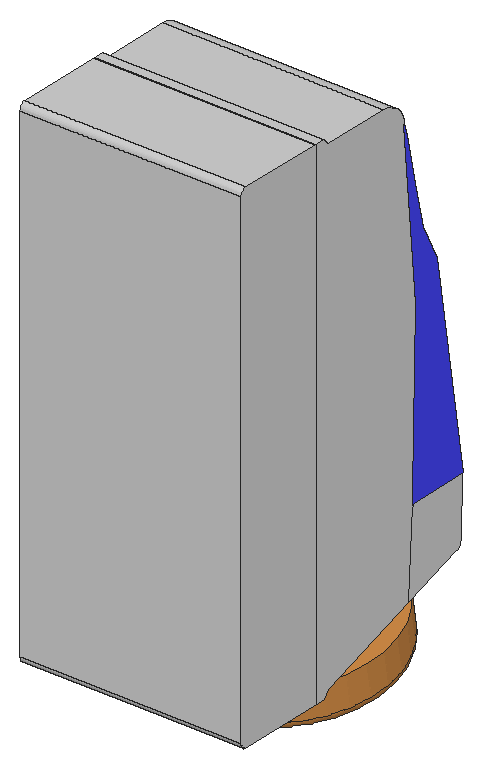
Revit family "Building-IEC309Connections-GEWISS-66IB-INTERLOCKED-SOCKET-OUTLETS-HD_IP66_WITH_BOTTOM_MOD", category Apparecchi elettrici, host Muro, Revit 2016
Family settings
  Host = Muro
  Mantenere orientamento annotazione = Sì
  Tipo di parte = Normale
  Quota connettore circolare = Usa diametro
  Numero OmniClass = 23.80.50.14
  Titolo OmniClass = Plug Connectors
  Sempre verticale = Sì
  Taglio con vuoti quando caricato = No
  Condiviso = No
  Punto di calcolo locali = No
Parameters (values of type "GW66996 - I.SOCKET IP66 W.B.3P+E 32A 380V 3H M.D")
  Working temperature = "-25 ÷ +40 °C"
  With back-mounting box = "Yes"
  Vista di pianta [instance] = yes
  Vetro = Vetro
  Version file RFA = "18.0"
  URL = "https://www.gewiss.com/ww/en"
  Typology = "Vertical"
  Type of use = "Heavy duty"
  Tipo Simbolo = PRESAINDSTAGNA : 3P
  Thermo-pressure with ball = "80 °C"
  Technical sheet = "https://www.gewiss.com/ww/en/search?q=GW66996"
  Struttura alta = GEWISS - blue
  Struttura = GEWISS - Grigio RAL - 7035
  Simbolo [instance] = yes
  Shock resistance = "> IK10"
  SEO = "Socket outlet"
  Reference h = "3"
  Realized by GEWISS S.p.A. = ""
  Rated voltage = "380-440V"
  Rated frequency (Hz) = "50/60 Hz"
  Rated current (In) = "32"
  Rated current (A) = "32"
  Protection = "Suitable for modular apps. (6M)"
  Produttore = "GEWISS S.p.A."
  Presa = GEWISS - rosso
  Potenza = 400 V
  Operating temperature: = "-25 +40 °C"
  Numero poli = 3
  Number of poles = "3P+E"
  No. of poles = "3P+E"
  Modello = "GW66996"
  Impact resistance at -20 Â°C = "20J"
  Immagine tipo = GW66996.jpg
  IP degree = "IP66"
  IFC.TypeObject = ""
  IFC.ExportType = ""
  IFC.ExportAs = ""
  IDT = "36f26d0b-1d1d-4264-adab-7a637a1285dc"
  IDF = "24d74994-0ea8-4b8f-ac73-b070467ae3ef"
  Glow wire test: = "850 °C"
  Glow Wire Test = "850 °C"
  Frequency = "50/60 Hz"
  Electrocod = "2222"
  EAN code = "8011564074576"
  Distanza orizzontale del simbolo [instance] = 0 mm
  Distanza dal muro [instance] = 0 mm
  Descrizione = "I.SOCKET IP66 W.B.3P+E 32A 380V 3H M.D"
  Cornice simbolo [instance] = yes
  Type Comments = ""
  Colour: = "Red"
  Colour = "Red"
  Classificazione carico = Altro
  Catalogue Range = "66 IB"
  Catalogue = "BUILDING"
  Carico apparente = 0 VA
  COBie.Tagnumber = ""
  COBie.CreatedOn = ""
  COBie.CreatebBy = ""
  COBie.ComponentRegisterItemID = ""
  COBie.Component.TagNumber = ""
  COBie.Component.Space = ""
  COBie.Component.SerialNumber = ""
  COBie.Component.InstallationDate = ""
  COBie.Component.Description = ""
  COBie.Component.BarCode = ""
  Altezza da terra = 1127.575 mm
Types (34, lengths in mm): name | Tipo Simbolo | Technical sheet | Reference h | Rated voltage | Rated current (In) | Rated current (A) | Presa | Potenza | Numero poli | Number of poles | No. of poles | Modello | Immagine tipo | IDT | EAN code | Descrizione | Colour: | Colour
  GW66974 - I.SOCKET IP66 W.B.2P+E 16A 110V 4H M.D | PRESAINDSTAGNA : 2P | "https://www.gewiss.com/ww/en/search?q=GW66974" | "4" | "100-130V" | "16" | "16" | GEWISS - GIALLO | 110 V | 2 | "2P+E" | "2P+E" | "GW66974" | GW66974.jpg | "08b205ea-2e7e-487f-822b-4f188cd9e3b1" | "8011564074255" | "I.SOCKET IP66 W.B.2P+E 16A 110V 4H M.D" | "Yellow" | "Yellow"
  GW66975 - I.SOCKET IP66 W.B.3P+E 16A 110V 4H M.D | PRESAINDSTAGNA : 3P | "https://www.gewiss.com/ww/en/search?q=GW66975" | "4" | "100-130V" | "16" | "16" | GEWISS - GIALLO | 110 V | 3 | "3P+E" | "3P+E" | "GW66975" | GW66975.jpg | "d01ae3a1-a303-4ecb-a038-376fb09d0159" | "8011564074286" | "I.SOCKET IP66 W.B.3P+E 16A 110V 4H M.D" | "Yellow" | "Yellow"
  GW66976 - I.SOCKET IP66 W.B.3P+N+E 16A 110V 4H M.D | PRESAINDSTAGNA : 3P | "https://www.gewiss.com/ww/en/search?q=GW66976" | "4" | "100-130V" | "16" | "16" | GEWISS - GIALLO | 110 V | 3 | "3P+N+E" | "3P+N+E" | "GW66976" | GW66976.jpg | "f3f330ef-9319-4f09-a519-1bd68ccd7a2d" | "8011564074309" | "I.SOCKET IP66 W.B.3P+N+E 16A 110V 4H M.D" | "Yellow" | "Yellow"
  GW66977 - I.SOCKET IP66 W.B.2P+E 16A 230V 6H M.D | PRESAINDSTAGNA : 2P | "https://www.gewiss.com/ww/en/search?q=GW66977" | "6" | "200-250V" | "16" | "16" | GEWISS -BLU | 230 V | 2 | "2P+E" | "2P+E" | "GW66977" | GW66977.jpg | "0cb269c0-6ba5-494f-9f28-64f0ff7173ba" | "8011564074323" | "I.SOCKET IP66 W.B.2P+E 16A 230V 6H M.D" | "Blue" | "Blue"
  GW66978 - I.SOCKET IP66 W.B.3P+E 16A 230V 9H M.D | PRESAINDSTAGNA : 3P | "https://www.gewiss.com/ww/en/search?q=GW66978" | "9" | "200-250V" | "16" | "16" | GEWISS -BLU | 230 V | 3 | "3P+E" | "3P+E" | "GW66978" | GW66978.jpg | "e833b2b1-5028-4a56-80da-a03921cb1113" | "8011564074347" | "I.SOCKET IP66 W.B.3P+E 16A 230V 9H M.D" | "Blue" | "Blue"
  GW66979 - I.SOCKET IP66 W.B.3P+N+E 16A 230V 9H M.D | PRESAINDSTAGNA : 3P | "https://www.gewiss.com/ww/en/search?q=GW66979" | "9" | "200-250V" | "16" | "16" | GEWISS -BLU | 230 V | 3 | "3P+N+E" | "3P+N+E" | "GW66979" | GW66979.jpg | "679b90f0-3e6b-4f2a-a97f-5a3800988bb9" | "8011564074361" | "I.SOCKET IP66 W.B.3P+N+E 16A 230V 9H M.D" | "Blue" | "Blue"
  GW66980 - I.SOCKET IP66 W.B.2P+E 16A 400V 9H M.D | PRESAINDSTAGNA : 2P | "https://www.gewiss.com/ww/en/search?q=GW66980" | "9" | "380-415V" | "16" | "16" | GEWISS - rosso | 400 V | 2 | "2P+E" | "2P+E" | "GW66980" | GW66980.jpg | "582f2ed5-a5cd-4735-bce5-f150eb3f9465" | "8011564074378" | "I.SOCKET IP66 W.B.2P+E 16A 400V 9H M.D" | "Red" | "Red"
  GW66981 - I.SOCKET IP66 W.B.3P+E 16A 400V 6H M.D | PRESAINDSTAGNA : 3P | "https://www.gewiss.com/ww/en/search?q=GW66981" | "6" | "380-415V" | "16" | "16" | GEWISS - rosso | 400 V | 3 | "3P+E" | "3P+E" | "GW66981" | GW66981.jpg | "2ea588cc-cbfb-4aac-8a3f-623707701ec5" | "8011564074392" | "I.SOCKET IP66 W.B.3P+E 16A 400V 6H M.D" | "Red" | "Red"
  GW66982 - I.SOCKET IP66 W.B.3P+N+E 16A 400V 6H M.D | PRESAINDSTAGNA : 3P | "https://www.gewiss.com/ww/en/search?q=GW66982" | "6" | "380-415V" | "16" | "16" | GEWISS - rosso | 400 V | 3 | "3P+N+E" | "3P+N+E" | "GW66982" | GW66982.jpg | "192d0f5f-767a-47bf-bda9-9ea6bd9dde45" | "8011564074415" | "I.SOCKET IP66 W.B.3P+N+E 16A 400V 6H M.D" | "Red" | "Red"
  GW66983 - I.SOCKET IP66 W.B.3P+E 16A 500V 7H M.D | PRESAINDSTAGNA : 3P | "https://www.gewiss.com/ww/en/search?q=GW66983" | "7" | "480-500V" | "16" | "16" | GEWISS - NERO | 500 V | 3 | "3P+E" | "3P+E" | "GW66983" | GW66983.jpg | "9a2b648c-12f1-428a-bdf5-76788138ac0d" | "8011564074439" | "I.SOCKET IP66 W.B.3P+E 16A 500V 7H M.D" | "Black" | "Black"
  GW66984 - I.SOCKET IP66 W.B.3P+N+E 16A 500V 7H M.D | PRESAINDSTAGNA : 3P | "https://www.gewiss.com/ww/en/search?q=GW66984" | "7" | "480-500V" | "16" | "16" | GEWISS - NERO | 500 V | 3 | "3P+N+E" | "3P+N+E" | "GW66984" | GW66984.jpg | "ba485b69-e735-44c4-a210-da673bb78813" | "8011564074453" | "I.SOCKET IP66 W.B.3P+N+E 16A 500V 7H M.D" | "Black" | "Black"
  GW66985 - I.SOCKET IP66 W.B.2P+E 32A 110V 4H M.D | PRESAINDSTAGNA : 2P | "https://www.gewiss.com/ww/en/search?q=GW66985" | "4" | "100-130V" | "32" | "32" | GEWISS - GIALLO | 110 V | 2 | "2P+E" | "2P+E" | "GW66985" | GW66985.jpg | "03874a7a-3aff-4dde-bab3-5d288d287e6d" | "8011564074460" | "I.SOCKET IP66 W.B.2P+E 32A 110V 4H M.D" | "Yellow" | "Yellow"
  GW66986 - I.SOCKET IP66 W.B.3P+E 32A 110V 4H M.D | PRESAINDSTAGNA : 3P | "https://www.gewiss.com/ww/en/search?q=GW66986" | "4" | "100-130V" | "32" | "32" | GEWISS - GIALLO | 110 V | 3 | "3P+E" | "3P+E" | "GW66986" | GW66986.jpg | "185d7795-b09c-4809-80d1-09ad44e3a7e3" | "8011564074477" | "I.SOCKET IP66 W.B.3P+E 32A 110V 4H M.D" | "Yellow" | "Yellow"
  GW66987 - I.SOCKET IP66 W.B.3P+N+E 32A 110V 4H M.D | PRESAINDSTAGNA : 3P | "https://www.gewiss.com/ww/en/search?q=GW66987" | "4" | "100-130V" | "32" | "32" | GEWISS - GIALLO | 110 V | 3 | "3P+N+E" | "3P+N+E" | "GW66987" | GW66987.jpg | "cf6b0cdc-9887-481b-94a6-c70383e61d77" | "8011564074484" | "I.SOCKET IP66 W.B.3P+N+E 32A 110V 4H M.D" | "Yellow" | "Yellow"
  GW66988 - I.SOCKET IP66 W.B.2P+E 32A 230V 6H M.D | PRESAINDSTAGNA : 2P | "https://www.gewiss.com/ww/en/search?q=GW66988" | "6" | "200-250V" | "32" | "32" | GEWISS -BLU | 230 V | 2 | "2P+E" | "2P+E" | "GW66988" | GW66988.jpg | "266de435-658e-4453-87f9-5740f768d2bb" | "8011564074491" | "I.SOCKET IP66 W.B.2P+E 32A 230V 6H M.D" | "Blue" | "Blue"
  GW66989 - I.SOCKET IP66 W.B.3P+E 32A 230V 9H M.D | PRESAINDSTAGNA : 3P | "https://www.gewiss.com/ww/en/search?q=GW66989" | "9" | "200-250V" | "32" | "32" | GEWISS -BLU | 230 V | 3 | "3P+E" | "3P+E" | "GW66989" | GW66989.jpg | "99b8ad80-d3be-4ff0-961d-42c51e5615d2" | "8011564074507" | "I.SOCKET IP66 W.B.3P+E 32A 230V 9H M.D" | "Blue" | "Blue"
  GW66990 - I.SOCKET IP66 W.B.3P+N+E 32A 230V 9H M.D | PRESAINDSTAGNA : 3P | "https://www.gewiss.com/ww/en/search?q=GW66990" | "9" | "200-250V" | "32" | "32" | GEWISS -BLU | 230 V | 3 | "3P+N+E" | "3P+N+E" | "GW66990" | GW66990.jpg | "78f294ba-a3a3-40a8-8935-13e2f8d12972" | "8011564074514" | "I.SOCKET IP66 W.B.3P+N+E 32A 230V 9H M.D" | "Blue" | "Blue"
  GW66991 - I.SOCKET IP66 W.B.2P+E 32A 400V 9H M.D | PRESAINDSTAGNA : 2P | "https://www.gewiss.com/ww/en/search?q=GW66991" | "9" | "380-415V" | "32" | "32" | GEWISS - rosso | 400 V | 2 | "2P+E" | "2P+E" | "GW66991" | GW66991.jpg | "a62a99a2-2ddc-4c3f-ace8-0eb3d0f628a4" | "8011564074521" | "I.SOCKET IP66 W.B.2P+E 32A 400V 9H M.D" | "Red" | "Red"
  GW66992 - I.SOCKET IP66 W.B.3P+E 32A 400V 6H M.D | PRESAINDSTAGNA : 3P | "https://www.gewiss.com/ww/en/search?q=GW66992" | "6" | "380-415V" | "32" | "32" | GEWISS - rosso | 400 V | 3 | "3P+E" | "3P+E" | "GW66992" | GW66992.jpg | "47b25866-07b7-4c2c-9ac0-23b2f5bd138f" | "8011564074538" | "I.SOCKET IP66 W.B.3P+E 32A 400V 6H M.D" | "Red" | "Red"
  GW66993 - I.SOCKET IP66 W.B.3P+N+E 32A 400V 6H M.D | PRESAINDSTAGNA : 3P | "https://www.gewiss.com/ww/en/search?q=GW66993" | "6" | "380-415V" | "32" | "32" | GEWISS - rosso | 400 V | 3 | "3P+N+E" | "3P+N+E" | "GW66993" | GW66993.jpg | "a697eaae-6394-427c-bb41-59308f388dae" | "8011564074545" | "I.SOCKET IP66 W.B.3P+N+E 32A 400V 6H M.D" | "Red" | "Red"
  GW66994 - I.SOCKET IP66 W.B.3P+E 32A 500V 7H M.D | PRESAINDSTAGNA : 3P | "https://www.gewiss.com/ww/en/search?q=GW66994" | "7" | "480-500V" | "32" | "32" | GEWISS - NERO | 500 V | 3 | "3P+E" | "3P+E" | "GW66994" | GW66994.jpg | "09554a74-fb5b-416f-883d-9be281655686" | "8011564074552" | "I.SOCKET IP66 W.B.3P+E 32A 500V 7H M.D" | "Black" | "Black"
  GW66995 - I.SOCKET IP66 W.B.3P+N+E 32A 500V 7H M.D | PRESAINDSTAGNA : 3P | "https://www.gewiss.com/ww/en/search?q=GW66995" | "7" | "480-500V" | "32" | "32" | GEWISS - NERO | 500 V | 3 | "3P+N+E" | "3P+N+E" | "GW66995" | GW66995.jpg | "92f55f58-4e31-46eb-8480-01bcdf3f80de" | "8011564074569" | "I.SOCKET IP66 W.B.3P+N+E 32A 500V 7H M.D" | "Black" | "Black"
  GW66996 - I.SOCKET IP66 W.B.3P+E 32A 380V 3H M.D | PRESAINDSTAGNA : 3P | "https://www.gewiss.com/ww/en/search?q=GW66996" | "3" | "380-440V" | "32" | "32" | GEWISS - rosso | 400 V | 3 | "3P+E" | "3P+E" | "GW66996" | GW66996.jpg | "36f26d0b-1d1d-4264-adab-7a637a1285dc" | "8011564074576" | "I.SOCKET IP66 W.B.3P+E 32A 380V 3H M.D" | "Red" | "Red"
  GW66866 - I.SOCKET IP66 W.B.2P+E 63A 110V 4H M.D | PRESAINDSTAGNA : 2P | "https://www.gewiss.com/ww/en/search?q=GW66866" | "4" | "100-130V" | "63" | "63" | GEWISS - GIALLO | 110 V | 2 | "2P+E" | "2P+E" | "GW66866" | GW66866.jpg | "303355d0-cf38-47a3-a1ae-8a44fb8bf22f" | "8011564067479" | "I.SOCKET IP66 W.B.2P+E 63A 110V 4H M.D" | "Yellow" | "Yellow"
  GW66867 - I.SOCKET IP66 W.B.3P+E 63A 110V 4H M.D | PRESAINDSTAGNA : 3P | "https://www.gewiss.com/ww/en/search?q=GW66867" | "4" | "100-130V" | "63" | "63" | GEWISS - GIALLO | 110 V | 3 | "3P+E" | "3P+E" | "GW66867" | GW66867.jpg | "b7ccdc4d-8d7e-41dd-b714-8d70a4305df5" | "8011564067486" | "I.SOCKET IP66 W.B.3P+E 63A 110V 4H M.D" | "Yellow" | "Yellow"
  GW66868 - I.SOCKET IP66 W.B.3P+N+E 63A 110V 4H M.D | PRESAINDSTAGNA : 3P | "https://www.gewiss.com/ww/en/search?q=GW66868" | "4" | "100-130V" | "63" | "63" | GEWISS - GIALLO | 110 V | 3 | "3P+N+E" | "3P+N+E" | "GW66868" | GW66868.jpg | "05f092d1-ab11-4f9d-be56-0147e050398c" | "8011564067493" | "I.SOCKET IP66 W.B.3P+N+E 63A 110V 4H M.D" | "Yellow" | "Yellow"
  GW66869 - I.SOCKET IP66 W.B.2P+E 63A 230V 6H M.D | PRESAINDSTAGNA : 2P | "https://www.gewiss.com/ww/en/search?q=GW66869" | "6" | "200-250V" | "63" | "63" | GEWISS -BLU | 230 V | 2 | "2P+E" | "2P+E" | "GW66869" | GW66869.jpg | "c554d55b-f100-44f4-bb13-7d9d56e4eded" | "8011564067509" | "I.SOCKET IP66 W.B.2P+E 63A 230V 6H M.D" | "Blue" | "Blue"
  GW66870 - I.SOCKET IP66 W.B.3P+E 63A 230V 9H M.D | PRESAINDSTAGNA : 3P | "https://www.gewiss.com/ww/en/search?q=GW66870" | "9" | "200-250V" | "63" | "63" | GEWISS -BLU | 230 V | 3 | "3P+E" | "3P+E" | "GW66870" | GW66870.jpg | "52b39002-d841-4e22-8601-8b9fef486832" | "8011564067516" | "I.SOCKET IP66 W.B.3P+E 63A 230V 9H M.D" | "Blue" | "Blue"
  GW66871 - I.SOCKET IP66 W.B.3P+N+E 63A 230V 9H M.D | PRESAINDSTAGNA : 3P | "https://www.gewiss.com/ww/en/search?q=GW66871" | "9" | "200-250V" | "63" | "63" | GEWISS -BLU | 230 V | 3 | "3P+N+E" | "3P+N+E" | "GW66871" | GW66871.jpg | "5512ebd7-399b-4556-9ac3-65fac533f648" | "8011564067523" | "I.SOCKET IP66 W.B.3P+N+E 63A 230V 9H M.D" | "Blue" | "Blue"
  GW66872 - I.SOCKET IP66 W.B.2P+E 63A 400V 6H M.D | PRESAINDSTAGNA : 2P | "https://www.gewiss.com/ww/en/search?q=GW66872" | "9" | "380-415V" | "63" | "63" | GEWISS - rosso | 400 V | 2 | "2P+E" | "2P+E" | "GW66872" | GW66872.jpg | "b55304b8-86f4-4085-8eaa-ce4be1e750a2" | "8011564067530" | "I.SOCKET IP66 W.B.2P+E 63A 400V 6H M.D" | "Red" | "Red"
  GW66873 - I.SOCKET IP66 W.B.3P+E 63A 400V 6H M.D | PRESAINDSTAGNA : 3P | "https://www.gewiss.com/ww/en/search?q=GW66873" | "6" | "380-415V" | "63" | "63" | GEWISS - rosso | 400 V | 3 | "3P+E" | "3P+E" | "GW66873" | GW66873.jpg | "03adb62b-1649-4be8-83db-d9f9696d3895" | "8011564067554" | "I.SOCKET IP66 W.B.3P+E 63A 400V 6H M.D" | "Red" | "Red"
  GW66874 - I.SOCKET IP66 W.B.3P+N+E 63A 400V 6H M.D | PRESAINDSTAGNA : 3P | "https://www.gewiss.com/ww/en/search?q=GW66874" | "6" | "380-415V" | "63" | "63" | GEWISS - rosso | 400 V | 3 | "3P+N+E" | "3P+N+E" | "GW66874" | GW66874.jpg | "456db83d-6b3d-4b8c-a591-cf1e2d86a527" | "8011564067578" | "I.SOCKET IP66 W.B.3P+N+E 63A 400V 6H M.D" | "Red" | "Red"
  GW66875 - I.SOCKET IP66 W.B.3P+E 63A 500V 7H M.D | PRESAINDSTAGNA : 3P | "https://www.gewiss.com/ww/en/search?q=GW66875" | "7" | "480-500V" | "63" | "63" | GEWISS - NERO | 500 V | 3 | "3P+E" | "3P+E" | "GW66875" | GW66875.jpg | "084f0b06-bde3-4021-9015-ef18884325c6" | "8011564067592" | "I.SOCKET IP66 W.B.3P+E 63A 500V 7H M.D" | "Black" | "Black"
  GW66876 - I.SOCKET IP66 W.B.3P+N+E 63A 500V 7H M.D | PRESAINDSTAGNA : 3P | "https://www.gewiss.com/ww/en/search?q=GW66876" | "7" | "480-500V" | "63" | "63" | GEWISS - NERO | 500 V | 3 | "3P+N+E" | "3P+N+E" | "GW66876" | GW66976.jpg | "9d8ce14a-7fb8-450f-bb9e-744a01970745" | "8011564067608" | "I.SOCKET IP66 W.B.3P+N+E 63A 500V 7H M.D" | "Black" | "Black"
Reference planes
  plane 1 "Muro": y = 0
  plane 2 "Centro (Sinistra/Destra)": x = 125
  plane 3 "Indietro": y = 75
  plane 4: z = 1127.575
  plane 5: x = 125
Lines and regions (mm)
  Masking region 1, visible <- "Vista di pianta"
    outline origin (0, 0, 0) x (1, 0, 0) y (0, 1, 0)
      loop
        line (196.5, 254) -> (53.5, 254) -> (53.5, 75) -> (196.5, 75) -> (196.5, 254)
  Masking region 2
    outline origin (125, 0, 0) x (0, 1, 0) y (0, 0, 1)
      loop
        line (242.582, 1127.707) -> (238.034, 1155.327) -> (163.214, 1130.177) -> (165.705, 1115.047) -> (242.582, 1127.707)
  Masking region 3
    outline origin (125, 0, 0) x (0, 1, 0) y (0, 0, 1)
      loop
        line (265.179, 1131.432) -> (133.421, 1109.727) -> (135.68, 1096.017)
        arc (135.68, 1096.017) -> (138.068, 1088.913) -> (144.941, 1085.923) r 9.231
        line (144.941, 1085.923) -> (262.124, 1105.219)
        arc (262.124, 1105.219) -> (267.51, 1110.297) -> (267.441, 1117.699) r 9.242
        line (267.441, 1117.699) -> (265.179, 1131.432)
  Masking region 4
    outline origin (125, 0, 0) x (0, 1, 0) y (0, 0, 1)
      loop
        line (135, 1444.631) -> (78.972, 1444.631)
        arc (78.972, 1444.631) -> (76.163, 1443.467) -> (75, 1440.658) r 3.972
        line (75, 1440.658) -> (75, 1123.603)
        arc (75, 1123.603) -> (76.163, 1120.794) -> (78.972, 1119.631) r 3.972
        line (78.972, 1119.631) -> (142.183, 1119.631) -> (145.338, 1124.168) -> (248.278, 1158.77)
        arc (248.278, 1158.77) -> (251.509, 1160.905) -> (252.761, 1164.559) r 5.958
        arc (252.761, 1164.559) -> (253.2, 1183.252) -> (253.163, 1201.951) r 734.65
        line (253.163, 1201.951) -> (254, 1201.967)
        arc (254, 1201.967) -> (242.911, 1288.525) -> (223.277, 1373.553) r 877.164
        line (223.277, 1373.553) -> (206.64, 1426.107)
        arc (206.64, 1426.107) -> (201.442, 1436.492) -> (190.611, 1440.679) r 16.102
        line (190.611, 1440.679) -> (144.931, 1440.679) -> (142.183, 1444.631) -> (135, 1444.631)
Text (mm)
  text "Lato posizionamento" at (-1848.837, 1116.779, 0), in view "Livello rif."
  text "Lato posizionamento" at (0, 1409.804, 2854.306), in view "Sinistra"
  text "Lato posizionamento" at (0, 499.811, 2980.732), in view "Destra"
Dimensions and locks
  locked: plane 3 "Indietro" to host wall
  "Altezza da terra": plane 4 to level
  "Distanza orizzontale del simbolo": plane 5 to plane 2 "Centro (Sinistra/Destra)"
  aligned and locked: plane 1 "Muro" to host wall
  aligned and locked: plane 2 "Centro (Sinistra/Destra)" to nested 2
  aligned and locked: plane 5 to nested 3
  aligned and locked: nested 1 to plane 3 "Indietro"
  aligned and locked: plane 3 "Indietro" to Masking region 1
  aligned and locked: nested 2 to nested 1
Automatic sketch dimensions
  host wall to Masking region 1 sketch curve = 0 mm
  plane 4 to Masking region 2 sketch curve = 2.602 mm
  host wall to Masking region 2 sketch curve = 88.214 mm
  Masking region 2 sketch curve to plane 4 = 12.528 mm
  Masking region 2 sketch curve to Masking region 2 sketch curve = 2.491 mm
  plane 4 to Masking region 2 sketch curve = 27.752 mm
  Masking region 2 sketch curve to Masking region 2 sketch curve = 74.82 mm
  plane 4 to Masking region 2 sketch curve = 0.132 mm
  Masking region 2 sketch curve to Masking region 2 sketch curve = 4.548 mm
  Masking region 3 sketch curve to plane 4 = 17.848 mm
  host wall to Masking region 3 sketch curve = 58.421 mm
  Masking region 3 sketch curve to plane 4 = 31.558 mm
  Masking region 3 sketch curve to Masking region 3 sketch curve = 2.259 mm
  Masking region 3 sketch curve to Masking region 3 sketch curve = 9.19 mm
  Masking region 3 sketch curve to Masking region 3 sketch curve = 0.071 mm
  Masking region 3 sketch curve to plane 4 = 13.655 mm
  plane 4 to Masking region 3 sketch curve = 3.857 mm
  Masking region 3 sketch curve to plane 4 = 9.876 mm
  Masking region 3 sketch curve to Masking region 3 sketch curve = 10.094 mm
  Masking region 3 sketch curve to Masking region 3 sketch curve = 3.116 mm
  Masking region 3 sketch curve to plane 4 = 22.356 mm
  Masking region 1 sketch curve to plane 2 "Centro (Sinistra/Destra)" = 71.5 mm
  plane 2 "Centro (Sinistra/Destra)" to Masking region 1 sketch curve = 71.5 mm
  host wall to Masking region 1 sketch curve = 179 mm
  Masking region 4 sketch curve to host wall = 0 mm
  Masking region 4 sketch curve to Masking region 4 sketch curve = 3.972 mm
  host wall to Masking region 4 sketch curve = 3.972 mm
  Masking region 4 sketch curve to Masking region 4 sketch curve = 56.028 mm
  Masking region 4 sketch curve to Masking region 4 sketch curve = 7.183 mm
  Masking region 4 sketch curve to Masking region 4 sketch curve = 2.747 mm
  Masking region 4 sketch curve to Masking region 4 sketch curve = 3.951 mm
  Masking region 4 sketch curve to Masking region 4 sketch curve = 45.68 mm
  Masking region 4 sketch curve to Masking region 4 sketch curve = 16.102 mm
  Masking region 4 sketch curve to Masking region 4 sketch curve = 1.529 mm
  plane 4 to Masking region 4 sketch curve = 6.35 mm
  Masking region 4 sketch curve to Masking region 4 sketch curve = 16.637 mm
  plane 4 to Masking region 4 sketch curve = 74.392 mm
  Masking region 4 sketch curve to Masking region 4 sketch curve = 30.723 mm
  Masking region 4 sketch curve to Masking region 4 sketch curve = 52.554 mm
  Masking region 4 sketch curve to plane 4 = 3.407 mm
  Masking region 4 sketch curve to plane 4 = 7.944 mm
  Masking region 4 sketch curve to Masking region 4 sketch curve = 3.155 mm
  plane 4 to Masking region 4 sketch curve = 31.195 mm
  Masking region 4 sketch curve to Masking region 4 sketch curve = 102.94 mm
  plane 4 to Masking region 4 sketch curve = 63.583 mm
  Masking region 4 sketch curve to Masking region 4 sketch curve = 139.114 mm
  Masking region 4 sketch curve to Masking region 4 sketch curve = 7.197 mm
  plane 4 to Masking region 4 sketch curve = 36.984 mm
  Masking region 4 sketch curve to Masking region 4 sketch curve = 1.476 mm
  Masking region 4 sketch curve to Masking region 4 sketch curve = 5.958 mm
  Masking region 4 sketch curve to Masking region 4 sketch curve = 0.837 mm
  plane 4 to Masking region 4 sketch curve = 74.376 mm
  Masking region 4 sketch curve to Masking region 4 sketch curve = 63.211 mm
Nested families
  nested 1: "IB PRESE INTERBLOC IMP_FONDO_BASE" at (125, 135, 1079.592), type "IB PRESE INTERBLOC IMP_FONDO_BASE"
  nested 2: "2D - IB PRESE INTERBLOC + DIN" at (125, 0, 1277.476) x (1, 0, 0) z (0, -1, 0), type "BIDIMENSIONALE"
  nested 3: "PRESAINDSTAGNA" at (125, -9.155, 0), Distanza dal muro <- "Distanza dal muro", BORDO ACCESO <- "Cornice simbolo", SIMBOLO ACCESO <- "Simbolo", type <- "Tipo Simbolo", type "3P"
    with SIMBOLO ACCESO yes, Distanza dal muro 0 mm, BORDO ACCESO yes
Connectors
  electrical at (125, 107.294, 1127.575), driven by "Numero poli", driven by "Classificazione carico", driven by "Potenza", driven by "Carico apparente"
    settings: on nested 1, index 1, voltage 400 V, apparent load 0 VA, apparent load phase1 0 VA, apparent load phase2 0 VA, apparent load phase3 0 VA, power factor 1, load classification "Altro", number of poles 3, system type 31, power factor state 1, is connector primary yes, connector utility no, sub classification motor no, connector description ""
Definition of nested family "IB PRESE INTERBLOC IMP_FONDO_BASE"
  Parameters (values of type "IB PRESE INTERBLOC IMP_FONDO_BASE")
    Vetrino = none
    Struttura alta = none
    Struttura = none
    Spessore = 160 mm
    Default Elevation = 14 mm
    Presa = none
    Pomello = none
    Lunghezza = 143 mm
    IFC.TypeObject = ""
    IFC.ExportType = ""
    IFC.ExportAs = ""
    H_da terra = 586.883 mm
    COBie.CreatedOn = ""
    COBie.CreatebBy = ""
    COBie.ComponentRegisterItemID = ""
    COBie.Component.TagNumber = ""
    COBie.Component.Space = ""
    COBie.Component.SerialNumber = ""
    COBie.Component.InstallationDate = ""
    COBie.Component.Description = ""
    COBie.Component.BarCode = ""
    Altezza = 424 mm
  Reference planes
    plane 1 "Centro (Fronte/Retro)": y = 0
    plane 2: z = 0
    plane 3 "Centro (Sinistra/Destra)": x = 0
    plane 4: x = -71.5
    plane 5: x = 71.5
    plane 6: x = 53.664
    plane 7: x = -53.5
    plane 8: z = 40.039
    plane 9: y = -60
    plane 10: y = 138.9
    plane 11: z = 361.087
    plane 12: through (4267.2, 77.379, 327.157) normal (0, 0.9626, 0.271)
  Forms (mm)
    Extrusion 1, solid, material <- "Struttura alta"
      sketch origin (0, 0, 0) x (0, 1, 0) y (0, 0, 1)
        loop
          line (78.973, 121.623) -> (119, 122.375)
          arc (119, 122.375) -> (111.124, 189.769) -> (98.062, 256.353) r 877.164
          arc (98.062, 256.353) -> (87.281, 279.295) -> (81.504, 303.977) r 121.298
          line (81.504, 303.977) -> (74.399, 337.778) -> (71.64, 346.515)
          arc (71.64, 346.515) -> (71.695, 345.751) -> (71.713, 344.985) r 16.102
          arc (71.713, 344.985) -> (81.541, 236.86) -> (79.248, 128.313) r 971.977
          arc (79.248, 128.313) -> (79.113, 124.968) -> (78.973, 121.623) r 2289.877
      from -71.5 to 71.5
    Extrusion 2, void
      sketch origin (0, 0, 0) x (0, 1, 0) y (0, 0, 1)
        loop
          line (124.305, 233.172) -> (91.011, 233.172)
          arc (91.011, 233.172) -> (86.745, 231.373) -> (85.055, 227.063) r 5.958
          arc (85.055, 227.063) -> (85.954, 188.702) -> (85.298, 150.336) r 946.965
          arc (85.298, 150.336) -> (88.127, 142.928) -> (95.424, 139.825) r 10.133
          line (95.424, 139.825) -> (138.542, 139.825)
          arc (138.542, 139.825) -> (132.717, 186.696) -> (124.305, 233.172) r 852.241
      from -53.5 to 53.664
    Extrusion 3, solid, material <- "Vetrino"
      sketch origin (0, 0, 0) x (0, 1, 0) y (0, 0, 1)
        loop
          line (102.745, 233.172) -> (91.011, 233.172)
          arc (91.011, 233.172) -> (86.745, 231.373) -> (85.055, 227.063) r 5.958
          arc (85.055, 227.063) -> (85.954, 188.702) -> (85.298, 150.336) r 946.965
          arc (85.298, 150.336) -> (88.127, 142.928) -> (95.424, 139.825) r 10.133
          line (95.424, 139.825) -> (117.422, 139.825)
          arc (117.422, 139.825) -> (111.378, 186.702) -> (102.745, 233.172) r 852.241
      from -53.5 to 53.664
    Extrusion 4, solid, material <- "Struttura"
      sketch origin (0, 0, 0) x (0, 1, 0) y (0, 0, 1)
        loop
          line (75.931, 66.624) -> (113.815, 79.359)
          arc (113.815, 79.359) -> (116.676, 81.538) -> (117.761, 84.967) r 5.958
          arc (117.761, 84.967) -> (118.2, 103.66) -> (118.163, 122.359) r 734.65
          line (118.163, 122.359) -> (78.973, 121.623)
          arc (78.973, 121.623) -> (77.619, 94.115) -> (75.931, 66.624) r 2264.9
      from -71.5 to 71.5
    Extrusion 5, solid, material <- "Struttura"
      sketch origin (0, 0, 0) x (0, 1, 0) y (0, 0, 1)
        loop
          line (107.036, 48.025) -> (102.35, 76.485) -> (27.659, 50.544) -> (30.159, 35.366) -> (107.036, 48.025)
      from -30.773 to 27.325
    Revolve 6, solid, material <- "Presa"
      sketch origin (0, 0, 0) x (0, 1, 0) y (0, 0, 1)
        loop
          line (8.526, 5.322) -> (67.975, 15.111) -> (63.73, 40.894) -> (-0.822, 30.264) -> (2.584, 9.577)
          arc (2.584, 9.577) -> (4.673, 6.218) -> (8.526, 5.322) r 5.164
        axis (63.73, 40.894) -> (67.975, 15.111)
      angle from 0 to 360
    Extrusion 7, void
      sketch origin (0, 0, 0) x (1, 0, 0) y (0, 0, 1)
        loop
          spline (43.694, 295.849) -> (42.205, 306.734) -> (37.84, 316.878) -> (30.897, 325.589) -> (21.847, 332.273) -> (11.309, 336.475) -> (0, 337.908) -> (-11.309, 336.475) -> (-21.847, 332.273) -> (-30.897, 325.589) -> (-37.84, 316.878) -> (-42.205, 306.734) -> (-43.694, 295.849)
          spline (-43.694, 295.849) -> (-42.205, 284.963) -> (-37.84, 274.819) -> (-30.897, 266.108) -> (-21.847, 259.424) -> (-11.309, 255.222) -> (0, 253.789) -> (11.309, 255.222) -> (21.847, 259.424) -> (30.897, 266.108) -> (37.84, 274.819) -> (42.205, 284.963) -> (43.694, 295.849)
      from -122.068 to -79.498
    Extrusion 8, solid, material <- "Pomello"
      sketch origin (0, 82.975, -13.824) x (1, 0, 0) y (0, -0.270999, 0.96258)
        loop
          line (-7.448, 327.416) -> (-7.448, 266.486)
          arc (-7.448, 266.486) -> (-7.072, 265.323) -> (-6.085, 264.6) r 1.986
          arc (-6.085, 264.6) -> (0.003, 263.614) -> (6.09, 264.602) r 19.259
          arc (6.09, 264.602) -> (7.073, 265.325) -> (7.448, 266.486) r 1.986
          line (7.448, 266.486) -> (7.448, 327.416)
          arc (7.448, 327.416) -> (7.073, 328.578) -> (6.09, 329.301) r 1.986
          arc (6.09, 329.301) -> (0, 330.289) -> (-6.09, 329.301) r 19.259
          arc (-6.09, 329.301) -> (-7.073, 328.578) -> (-7.448, 327.416) r 1.986
      from -92.372 to -88.3
    Extrusion 9, solid, material <- "Struttura"
      sketch origin (0, 0, 0) x (0, 1, 0) y (0, 0, 1)
        loop
          line (0, 365.039) -> (-56.028, 365.039)
          arc (-56.028, 365.039) -> (-58.837, 363.875) -> (-60, 361.066) r 3.972
          line (-60, 361.066) -> (-60, 44.011)
          arc (-60, 44.011) -> (-58.837, 41.202) -> (-56.028, 40.039) r 3.972
          line (-56.028, 40.039) -> (0, 40.039) -> (0, 365.039)
      from -71.5 to 71.5
    Extrusion 10, solid, material <- "Struttura"
      sketch origin (0, 0, 0) x (0, 1, 0) y (0, 0, 1)
        loop
          arc (75.931, 66.624) -> (77.679, 96.204) -> (79.051, 125.804) r 2335.614
          arc (79.051, 125.804) -> (81.584, 235.602) -> (71.713, 344.985) r 971.977
          arc (71.713, 344.985) -> (66.997, 356.371) -> (55.611, 361.087) r 16.102
          line (55.611, 361.087) -> (9.931, 361.087) -> (7.183, 365.039) -> (0, 365.039) -> (0, 40.039) -> (7.183, 40.039) -> (10.338, 44.576) -> (75.931, 66.624)
      from -71.5 to 71.5
    Blend 11, solid, material <- "Struttura alta"
      base sketch origin (0, 84.176, -13.214) x (1, 0, 0) y (0, -0.270999, 0.96258)
        loop
          circle (0, 296.951) r 43.694
      top sketch origin (0, 84.176, -13.214) x (1, 0, 0) y (0, -0.270999, 0.96258)
        loop
          circle (0, 296.951) r 34.757
      from -85.697 to -91.051
    Extrusion 12, solid, material <- "Struttura alta"
      sketch origin (0, 83.193, -13.491) x (1, 0, 0) y (0, -0.270999, 0.96258)
        loop
          circle (0, 296.951) r 43.694
      from -86.719 to -75.709
    Extrusion 13, void
      sketch origin (0, 85.341, -13.728) x (1, 0, 0) y (0, -0.275465, 0.961311)
        loop
          circle (0, 296.951) r 34
      from -96.493 to -85.34
    Extrusion 14, solid, material <- "Pomello"
      sketch origin (0, 83.193, -13.491) x (1, 0, 0) y (0, -0.270999, 0.96258)
        loop
          circle (0, 296.951) r 40
      from -88 to -75.709
  Cuts and joins
    Extrusion 2, Extrusion 7 cuts Extrusion 1
    Extrusion 13 cuts Blend 11
    joined: Blend 11, Extrusion 12
    Extrusion 13 cuts Extrusion 9
    Extrusion 13 cuts Extrusion 10
  Dimensions and locks
    equal spacing: plane 5, plane 3 "Centro (Sinistra/Destra)", plane 4
    "Lunghezza": plane 5 to plane 4
    locked: plane 5 to plane 6 at 17.836
    locked: plane 7 to plane 4 at 18
    locked: plane 9 to plane 1 "Centro (Fronte/Retro)" at 60
    plane 1 "Centro (Fronte/Retro)" to plane 10 = 138.9 mm
    aligned and locked: level to plane 2
    aligned and locked: Extrusion 1 to plane 4
    aligned and locked: plane 5 to Extrusion 1
    aligned and locked: Extrusion 3 to plane 7
    aligned and locked: plane 6 to Extrusion 3
    aligned and locked: Extrusion 4 to plane 4
    aligned and locked: plane 5 to Extrusion 4
    aligned and locked: Extrusion 9 sketch curve to plane 9
    aligned and locked: Extrusion 9 sketch curve to plane 1 "Centro (Fronte/Retro)"
    aligned and locked: Extrusion 9 to plane 4
    aligned and locked: plane 5 to Extrusion 9
    aligned and locked: Extrusion 10 to plane 4
    aligned and locked: plane 5 to Extrusion 10
    aligned and locked: plane 12 to Blend 11
    aligned and locked: Extrusion 12 to Blend 11
    aligned and locked: cut or joined group of Blend 11, Extrusion 12, Extrusion 13 to Extrusion 8
    aligned and locked: Extrusion 8 to Extrusion 14
    aligned and locked: cut or joined group of Extrusion 10, Extrusion 13 to Extrusion 9
    aligned and locked: plane 8 to Extrusion 9
  Automatic sketch dimensions
    level to Extrusion 5 sketch curve = 35.366 mm
    Extrusion 5 sketch curve to plane 1 "Centro (Fronte/Retro)" = 27.659 mm
    Extrusion 5 sketch curve to Extrusion 5 sketch curve = 2.499 mm
    Extrusion 5 sketch curve to Extrusion 5 sketch curve = 74.69 mm
    Extrusion 5 sketch curve to Extrusion 5 sketch curve = 4.686 mm
    level to Extrusion 5 sketch curve = 48.025 mm
    Extrusion 5 sketch curve to Extrusion 5 sketch curve = 15.179 mm
    Extrusion 5 sketch curve to Extrusion 5 sketch curve = 28.46 mm
    plane 1 "Centro (Fronte/Retro)" to Revolve 6 sketch curve = 0.822 mm
    Revolve 6 sketch curve to plane 1 "Centro (Fronte/Retro)" = 2.584 mm
    Revolve 6 sketch curve to Revolve 6 sketch curve = 5.095 mm
    level to Revolve 6 sketch curve = 5.322 mm
    Revolve 6 sketch curve to Revolve 6 sketch curve = 0.846 mm
    Revolve 6 sketch curve to plane 1 "Centro (Fronte/Retro)" = 63.73 mm
    level to Revolve 6 sketch curve = 15.111 mm
    Revolve 6 sketch curve to Revolve 6 sketch curve = 4.246 mm
    Revolve 6 sketch curve to Revolve 6 sketch curve = 4.255 mm
    Revolve 6 sketch curve to Revolve 6 sketch curve = 20.687 mm
    Revolve 6 sketch curve to Revolve 6 sketch curve = 0 mm  (x2)
    level to Revolve 6 sketch curve = 12.564 mm
    Revolve 6 sketch curve to Revolve 6 sketch curve = 0.42 mm
    Extrusion 9 sketch curve to Extrusion 9 sketch curve = 3.972 mm
    plane 9 to Extrusion 9 sketch curve = 3.972 mm
    Extrusion 9 sketch curve to plane 8 = 0 mm
    Extrusion 9 sketch curve to Extrusion 9 sketch curve = 317.056 mm
    Extrusion 10 sketch curve to plane 1 "Centro (Fronte/Retro)" = 0 mm
    plane 8 to Extrusion 10 sketch curve = 0 mm
    Extrusion 10 sketch curve to plane 1 "Centro (Fronte/Retro)" = 7.183 mm  (x2)
    Extrusion 10 sketch curve to Extrusion 10 sketch curve = 2.747 mm
    Extrusion 10 sketch curve to plane 8 = 4.538 mm
    Extrusion 10 sketch curve to Extrusion 10 sketch curve = 3.155 mm
    Extrusion 10 sketch curve to plane 8 = 26.586 mm
    Extrusion 10 sketch curve to Extrusion 10 sketch curve = 3.951 mm
    Extrusion 10 sketch curve to Extrusion 10 sketch curve = 45.68 mm
    Extrusion 10 sketch curve to Extrusion 10 sketch curve = 0 mm
    Extrusion 10 sketch curve to Extrusion 10 sketch curve = 16.102 mm
    Extrusion 10 sketch curve to plane 8 = 163.038 mm
    Extrusion 10 sketch curve to plane 8 = 179.157 mm
    Extrusion 10 sketch curve to plane 9 = 829.849 mm
    Extrusion 10 sketch curve to Extrusion 10 sketch curve = 65.593 mm
    Extrusion 10 sketch curve to Extrusion 10 sketch curve = 278.361 mm
    Extrusion 10 sketch curve to Extrusion 10 sketch curve = 3.121 mm
    Extrusion 4 sketch curve to plane 8 = 26.586 mm
    Extrusion 4 sketch curve to Extrusion 4 sketch curve = 3.042 mm
    Extrusion 4 sketch curve to Extrusion 4 sketch curve = 2.012 mm
    Extrusion 4 sketch curve to Extrusion 4 sketch curve = 5.608 mm
    Extrusion 4 sketch curve to plane 8 = 71.527 mm
    Extrusion 4 sketch curve to Extrusion 4 sketch curve = 0.402 mm
    Extrusion 4 sketch curve to Extrusion 4 sketch curve = 12.734 mm
    Extrusion 4 sketch curve to plane 8 = 179.157 mm
    Extrusion 3 sketch curve to plane 8 = 145.66 mm
    plane 10 to Extrusion 3 sketch curve = 43.476 mm
    Extrusion 3 sketch curve to Extrusion 3 sketch curve = 10.133 mm
    Extrusion 3 sketch curve to Extrusion 3 sketch curve = 5.958 mm
    Extrusion 3 sketch curve to Extrusion 3 sketch curve = 10.126 mm
    Extrusion 3 sketch curve to Extrusion 3 sketch curve = 11.734 mm
    plane 10 to Extrusion 3 sketch curve = 21.479 mm
    Extrusion 3 sketch curve to plane 8 = 14.294 mm
    Extrusion 3 sketch curve to Extrusion 3 sketch curve = 130.486 mm
    Extrusion 3 sketch curve to Extrusion 3 sketch curve = 5.713 mm
    level to Extrusion 3 sketch curve = 139.825 mm
    Extrusion 3 sketch curve to Extrusion 3 sketch curve = 76.877 mm
    Extrusion 2 sketch curve to plane 8 = 145.66 mm
    plane 10 to Extrusion 2 sketch curve = 47.889 mm
    plane 10 to Extrusion 2 sketch curve = 43.476 mm
    Extrusion 2 sketch curve to plane 8 = 109.919 mm
    Extrusion 2 sketch curve to Extrusion 2 sketch curve = 10.133 mm
    Extrusion 2 sketch curve to Extrusion 2 sketch curve = 77.255 mm
    Extrusion 2 sketch curve to Extrusion 2 sketch curve = 5.958 mm
    Extrusion 2 sketch curve to Extrusion 2 sketch curve = 10.126 mm
    Extrusion 2 sketch curve to Extrusion 2 sketch curve = 33.293 mm
    plane 10 to Extrusion 2 sketch curve = 0.358 mm
    Extrusion 2 sketch curve to plane 8 = 18.157 mm
    Extrusion 2 sketch curve to Extrusion 2 sketch curve = 151.226 mm
    Extrusion 1 sketch curve to plane 8 = 14.294 mm
    Extrusion 1 sketch curve to plane 9 = 695.521 mm
    plane 10 to Extrusion 1 sketch curve = 19.9 mm
    Extrusion 1 sketch curve to plane 1 "Centro (Fronte/Retro)" = 78.973 mm
    plane 10 to Extrusion 1 sketch curve = 40.838 mm
    Extrusion 1 sketch curve to Extrusion 1 sketch curve = 0.752 mm
    Extrusion 1 sketch curve to Extrusion 1 sketch curve = 134.328 mm
    Extrusion 1 sketch curve to plane 11 = 141.892 mm
    Extrusion 1 sketch curve to Extrusion 1 sketch curve = 1318.975 mm
    Extrusion 1 sketch curve to plane 11 = 158.01 mm
    Extrusion 1 sketch curve to plane 11 = 16.102 mm
    plane 10 to Extrusion 1 sketch curve = 67.187 mm
    Extrusion 1 sketch curve to plane 8 = 81.585 mm
    Extrusion 1 sketch curve to Extrusion 1 sketch curve = 0.073 mm
    Extrusion 1 sketch curve to plane 11 = 14.572 mm
    Extrusion 1 sketch curve to Extrusion 1 sketch curve = 16.029 mm
    plane 1 "Centro (Fronte/Retro)" to Extrusion 4 sketch curve = 616.407 mm
    Extrusion 4 sketch curve to plane 1 "Centro (Fronte/Retro)" = 75.931 mm
    plane 10 to Extrusion 4 sketch curve = 27.098 mm
    Extrusion 4 sketch curve to Extrusion 4 sketch curve = 1567.417 mm
    Extrusion 1 sketch curve to plane 11 = 41.957 mm
    Extrusion 1 sketch curve to plane 10 = 62.951 mm
    Extrusion 1 sketch curve to plane 11 = 23.262 mm
    Extrusion 1 sketch curve to Extrusion 1 sketch curve = 2.678 mm
    Extrusion 1 sketch curve to plane 11 = 23.309 mm
    Extrusion 1 sketch curve to Extrusion 1 sketch curve = 0.008 mm
    Extrusion 1 sketch curve to plane 11 = 57.11 mm
    Blend 11 sketch curve to plane 3 "Centro (Sinistra/Destra)" = 0 mm  (x2)
    Extrusion 7 sketch curve to plane 3 "Centro (Sinistra/Destra)" = 0 mm
    plane 7 to Extrusion 7 sketch curve = 9.806 mm
    Extrusion 7 sketch curve to plane 11 = 65.239 mm
    Extrusion 12 sketch curve to plane 3 "Centro (Sinistra/Destra)" = 0 mm
    Extrusion 13 sketch curve to plane 3 "Centro (Sinistra/Destra)" = 0 mm
    Extrusion 14 sketch curve to plane 3 "Centro (Sinistra/Destra)" = 0 mm
    Extrusion 8 sketch curve to plane 3 "Centro (Sinistra/Destra)" = 7.448 mm
    Extrusion 8 sketch curve to Extrusion 8 sketch curve = 1.986 mm  (x3)
    Extrusion 8 sketch curve to plane 3 "Centro (Sinistra/Destra)" = 0.001 mm
    plane 3 "Centro (Sinistra/Destra)" to Extrusion 8 sketch curve = 0 mm
    plane 3 "Centro (Sinistra/Destra)" to Extrusion 8 sketch curve = 5.462 mm  (x2)
    Extrusion 8 sketch curve to Extrusion 8 sketch curve = 0 mm  (x3)
    Extrusion 8 sketch curve to Extrusion 8 sketch curve = 16.387 mm  (x2)
    Extrusion 8 sketch curve to Extrusion 8 sketch curve = 28.157 mm
    Extrusion 8 sketch curve to Extrusion 8 sketch curve = 0.628 mm
    radius of Blend 11 sketch curve = 43.694 mm
    radius of Blend 11 sketch curve = 34.757 mm
    radius of Extrusion 12 sketch curve = 43.694 mm
    radius of Extrusion 13 sketch curve = 34 mm
    radius of Extrusion 14 sketch curve = 40 mm
Definition of nested family "2D - IB PRESE INTERBLOC + DIN"
  Reference planes
    plane 1 "Centro (Fronte/Retro)": y = 0
    plane 2: z = 0
    plane 3 "Centro (Sinistra/Destra)": x = 0
  Lines and regions (mm)
    detail lines, in view "Livello rif."
      curve 1: arc (-26.247, -174.343, 0) -> (1.173, -177.849, 0) -> (28.61, -174.476, 0) r 111.063
      curve 2: arc (42.927, -174.428, 0) -> (43.669, -173.975, 0) -> (44.043, -173.189, 0) r 1.525
      curve 3: arc (44.774, -151.839, 0) -> (44.586, -151.042, 0) -> (43.923, -150.561, 0) r 1.174
      curve 4: line (-46.565, -154.486, 0) -> (-44.821, -153.193, 0)
      curve 5: line (-46.891, -155.907, 0) -> (-46.565, -154.486, 0)
      curve 6: arc (-46.891, -155.907, 0) -> (-46.954, -156.735, 0) -> (-46.954, -157.564, 0) r 10.873
      curve 7: arc (-49.019, -157.568, 0) -> (-49.087, -156.411, 0) -> (-49.197, -155.258, 0) r 31.669
      curve 8: arc (-49.143, -155.765, 0) -> (-49.216, -155.065, 0) -> (-49.3, -154.367, 0) r 47.952
      curve 9: line (-49.3, -154.367, 0) -> (-49.432, -153.292, 0)
      curve 10: arc (41.441, -157.546, 0) -> (41.414, -156.641, 0) -> (41.284, -155.746, 0) r 7.96
      curve 11: line (40.792, -154.319, 0) -> (41.284, -155.746, 0)
      curve 12: line (36.635, -154.488, 0) -> (40.792, -154.319, 0)
      curve 13: spline (36.635, -154.488, 0) -> (36.566, -154.59, 0) -> (36.499, -154.696, 0) -> (36.434, -154.805, 0) -> (36.371, -154.918, 0) -> (36.31, -155.033, 0) -> (36.252, -155.151, 0) -> (36.196, -155.271, 0) -> (36.143, -155.394, 0) -> (36.093, -155.52, 0) -> (36.045, -155.647, 0) -> (36.001, -155.775, 0) -> (35.959, -155.906, 0)
      curve 14: arc (35.959, -155.906, 0) -> (35.769, -156.728, 0) -> (35.691, -157.568, 0) r 6.247
      curve 15: arc (25.989, -157.597, 0) -> (25.897, -156.692, 0) -> (25.616, -155.827, 0) r 4.279
      curve 16: arc (25.616, -155.827, 0) -> (25.181, -155.049, 0) -> (24.601, -154.373, 0) r 4.497
      curve 17: line (17.676, -154.551, 0) -> (24.601, -154.373, 0)
      curve 18: arc (17.676, -154.551, 0) -> (17.136, -155.189, 0) -> (16.727, -155.918, 0) r 4.401
      curve 19: arc (16.727, -155.918, 0) -> (16.453, -156.756, 0) -> (16.354, -157.632, 0) r 4.379
      curve 20: line (9.76, -155.812, 0) -> (10.273, -157.614, 0)
      curve 21: arc (9.76, -155.812, 0) -> (9.207, -155.041, 0) -> (8.515, -154.392, 0) r 4.87
      curve 22: line (0.68, -154.573, 0) -> (8.515, -154.392, 0)
      curve 23: arc (0.614, -154.574, 0) -> (0.037, -155.23, 0) -> (-0.392, -155.992, 0) r 4.221
      curve 24: arc (-0.391, -155.992, 0) -> (-0.646, -156.806, 0) -> (-0.729, -157.655, 0) r 4.143
      curve 25: line (-24.586, -155.684, 0) -> (-24.082, -157.486, 0)
      curve 26: arc (-24.586, -155.684, 0) -> (-25.098, -154.92, 0) -> (-25.742, -154.262, 0) r 4.998
      curve 27: line (-32.391, -154.44, 0) -> (-25.742, -154.262, 0)
      curve 28: arc (-32.391, -154.44, 0) -> (-32.843, -155.111, 0) -> (-33.157, -155.858, 0) r 4.175
      curve 29: arc (-33.158, -155.857, 0) -> (-33.343, -156.679, 0) -> (-33.391, -157.52, 0) r 5.108
      curve 30: arc (-41.766, -157.544, 0) -> (-41.877, -156.626, 0) -> (-42.13, -155.738, 0) r 5.843
      curve 31: line (-42.13, -155.738, 0) -> (-42.888, -154.319, 0)
      curve 32: line (-42.888, -154.319, 0) -> (-44.821, -153.193, 0)
      curve 33: line (-48.478, -173.218, 0) -> (-47.224, -174.449, 0)
      curve 34: line (-46.446, -173.211, 0) -> (-43.759, -174.438, 0)
      curve 35: line (39.951, -174.438, 0) -> (41.192, -173.199, 0)
      curve 36: line (35.477, -173.218, 0) -> (36.781, -174.449, 0)
      curve 37: line (24.991, -174.488, 0) -> (25.893, -173.249, 0)
      curve 38: line (16.313, -173.281, 0) -> (19.368, -174.506, 0)
      curve 39: line (10.069, -174.503, 0) -> (10.39, -173.267, 0)
      curve 40: line (-0.488, -173.303, 0) -> (3.5, -174.525, 0)
      curve 41: line (-23.406, -174.371, 0) -> (-23.753, -173.137, 0)
      curve 42: line (-33.015, -173.167, 0) -> (-29.161, -174.39, 0)
      curve 43: line (-41.283, -173.194, 0) -> (-40.358, -174.427, 0)
      curve 44: arc (-48.313, -150.589, 0) -> (-49.059, -150.898, 0) -> (-49.376, -151.641, 0) r 1.067
      curve 45: line (-49.299, -154.392, 0) -> (-49.432, -153.292, 0)
      curve 46: arc (-49.197, -155.258, 0) -> (-49.246, -154.824, 0) -> (-49.299, -154.392, 0) r 48.083
      curve 47: arc (-48.942, -161.146, 0) -> (-48.97, -158.462, 0) -> (-49.144, -155.783, 0) r 49.493
      curve 48: arc (44.458, -155.751, 0) -> (44.39, -156.643, 0) -> (44.347, -157.536, 0) r 31.644
      curve 49: arc (44.603, -154.358, 0) -> (44.525, -155.054, 0) -> (44.458, -155.751, 0) r 48.083
      curve 50: line (44.729, -153.258, 0) -> (44.603, -154.358, 0)
      curve 51: line (19.506, -174.505, 0) -> (24.933, -174.487, 0)
      curve 52: line (3.675, -174.523, 0) -> (10.021, -174.502, 0)
      curve 53: line (-28.994, -174.388, 0) -> (-23.5, -174.358, 0)
      curve 54: line (-48.48, -173.218, 0) -> (-47.224, -174.449, 0)
      curve 55: line (-7.459, -155.793, 0) -> (-6.946, -157.596, 0)
      curve 56: arc (-7.459, -155.793, 0) -> (-8.012, -155.023, 0) -> (-8.705, -154.374, 0) r 4.87
      curve 57: line (-16.54, -154.555, 0) -> (-8.705, -154.374, 0)
      curve 58: arc (-16.605, -154.555, 0) -> (-17.182, -155.212, 0) -> (-17.611, -155.974, 0) r 4.221
      curve 59: arc (-17.611, -155.974, 0) -> (-17.866, -156.788, 0) -> (-17.949, -157.637, 0) r 4.143
      curve 60: line (-7.15, -174.485, 0) -> (-6.829, -173.248, 0)
      curve 61: line (-17.708, -173.284, 0) -> (-13.719, -174.507, 0)
      curve 62: line (-13.545, -174.505, 0) -> (-7.198, -174.484, 0)
      curve 63: line (-48.313, -150.589, 0) -> (-44.011, -150.575, 0)
      curve 64: line (-44.011, -150.575, 0) -> (39.757, -150.575, 0)
      curve 65: line (39.757, -150.575, 0) -> (43.923, -150.561, 0)
      curve 66: line (44.729, -153.258, 0) -> (44.774, -151.839, 0)
      curve 67: line (-49.486, -151.873, 0) -> (-49.432, -153.292, 0)
      curve 68: line (-46.446, -173.211, 0) -> (-46.926, -157.564, 0)
      curve 69: line (-48.943, -161.184, 0) -> (-48.48, -173.218, 0)
      curve 70: line (-48.478, -173.218, 0) -> (-48.942, -161.146, 0)
      curve 71: line (41.441, -157.546, 0) -> (41.192, -173.199, 0)
      curve 72: line (35.477, -173.218, 0) -> (35.691, -157.568, 0)
      curve 73: line (25.989, -157.597, 0) -> (25.893, -173.249, 0)
      curve 74: line (16.313, -173.281, 0) -> (16.354, -157.632, 0)
      curve 75: line (10.273, -157.558, 0) -> (10.39, -173.267, 0)
      curve 76: line (-0.554, -173.303, 0) -> (-0.729, -157.655, 0)
      curve 77: line (-24.082, -157.486, 0) -> (-23.753, -173.137, 0)
      curve 78: line (-33.015, -173.167, 0) -> (-33.391, -157.52, 0)
      curve 79: line (-41.283, -173.194, 0) -> (-41.766, -157.544, 0)
      curve 80: line (39.888, -174.437, 0) -> (39.205, -174.439, 0)
      curve 81: line (39.205, -174.439, 0) -> (38.287, -174.425, 0)
      curve 82: line (38.287, -174.425, 0) -> (37.638, -174.415, 0)
      curve 83: line (37.638, -174.415, 0) -> (33.612, -174.459, 0)
      curve 84: line (33.612, -174.459, 0) -> (24.991, -174.488, 0)
      curve 85: line (-42.038, -174.401, 0) -> (-41.258, -174.428, 0)
      curve 86: line (-41.258, -174.428, 0) -> (-40.393, -174.426, 0)
      curve 87: line (-41.211, -174.43, 0) -> (-38.14, -174.419, 0)
      curve 88: line (-38.14, -174.419, 0) -> (-29.161, -174.39, 0)
      curve 89: line (-29.161, -174.39, 0) -> (-28.994, -174.388, 0)
      curve 90: line (-47.224, -174.449, 0) -> (-43.759, -174.438, 0)
      curve 91: line (-43.641, -174.437, 0) -> (-42.727, -174.417, 0)
      curve 92: line (-42.727, -174.417, 0) -> (-42.067, -174.401, 0)
      curve 93: line (-42.067, -174.401, 0) -> (-41.28, -174.429, 0)
      curve 94: line (42.927, -174.428, 0) -> (39.951, -174.438, 0)
      curve 95: line (39.951, -174.438, 0) -> (39.329, -174.44, 0)
      curve 96: line (39.205, -174.439, 0) -> (38.298, -174.426, 0)
      curve 97: line (38.298, -174.426, 0) -> (37.638, -174.415, 0)
      curve 98: line (-49.376, -151.641, 0) -> (-49.379, -151.873, 0)
      curve 99: line (44.347, -157.536, 0) -> (44.043, -173.189, 0)
      curve 100: line (19.368, -174.506, 0) -> (7.412, -174.546, 0)
      curve 101: line (7.412, -174.546, 0) -> (-23.406, -174.371, 0)
      curve 102: line (3.5, -174.525, 0) -> (3.675, -174.523, 0)
      curve 103: line (-6.947, -157.54, 0) -> (-6.829, -173.248, 0)
      curve 104: line (-17.774, -173.285, 0) -> (-17.949, -157.637, 0)
      curve 105: line (-13.719, -174.507, 0) -> (-13.545, -174.505, 0)
      curve 106: circle (0, 97.661, 0) r 43.694 normal (0, 0, 1)
      curve 107: circle (0, 97.661, 0) r 34.757 normal (0, 0, 1)
      curve 108: arc (46.673, -61.706, 0) -> (53.695, -58.797, 0) -> (56.604, -51.775, 0) r 9.931
      curve 109: arc (-56.604, -51.775, 0) -> (-53.695, -58.797, 0) -> (-46.673, -61.706, 0) r 9.931
      curve 110: arc (-61.569, -159.506, 0) -> (-60.988, -160.91, 0) -> (-59.583, -161.492, 0) r 1.986
      curve 111: arc (-35.762, -130.014, 0) -> (-38.644, -131.253, 0) -> (-39.729, -134.196, 0) r 3.972
      curve 112: arc (59.583, -161.492, 0) -> (60.988, -160.91, 0) -> (61.569, -159.506, 0) r 1.986
      curve 113: arc (39.71, -133.986, 0) -> (38.547, -131.178, 0) -> (35.738, -130.014, 0) r 3.972
      curve 114: arc (-46.673, 35.287, 0) -> (-53.695, 32.379, 0) -> (-56.604, 25.357, 0) r 9.931
      curve 115: arc (-6.085, 65.31, 0) -> (0.004, 64.324, 0) -> (6.093, 65.313, 0) r 19.259
      curve 116: arc (-7.448, 67.196, 0) -> (-7.072, 66.033, 0) -> (-6.085, 65.31, 0) r 1.986
      curve 117: arc (6.09, 65.312, 0) -> (7.073, 66.035, 0) -> (7.448, 67.196, 0) r 1.986
      curve 118: arc (56.604, 25.357, 0) -> (53.695, 32.379, 0) -> (46.673, 35.287, 0) r 9.931
      curve 119: arc (6.09, 130.011, 0) -> (0, 130.999, 0) -> (-6.09, 130.011, 0) r 19.259
      curve 120: arc (-6.09, 130.011, 0) -> (-7.073, 129.288, 0) -> (-7.448, 128.127, 0) r 1.986
      curve 121: arc (7.448, 128.127, 0) -> (7.073, 129.288, 0) -> (6.09, 130.011, 0) r 1.986
      curve 122: arc (-59.583, 167.154, 0) -> (-60.988, 166.572, 0) -> (-61.569, 165.168, 0) r 1.986
      curve 123: arc (61.569, 165.168, 0) -> (60.988, 166.572, 0) -> (59.583, 167.154, 0) r 1.986
      curve 124: arc (60.428, -125.302, 0) -> (0, -117.066, 0) -> (-60.428, -125.302, 0) r 225.798
      curve 125: circle (-51.357, -69.443, 0) r 4.965 normal (0, 0, 1)
      curve 126: circle (51.357, -69.443, 0) r 4.965 normal (0, 0, 1)
      curve 127: line (-71.5, -157.846, 0) -> (-71.5, -149.645, 0)
      curve 128: line (-71.5, -149.645, 0) -> (-71.5, 5.287, 0)
      curve 129: line (-71.5, 5.287, 0) -> (-71.5, 156.572, 0)
      curve 130: line (-71.5, 156.572, 0) -> (-71.5, 164.773, 0)
      curve 131: line (-71.5, 164.773, 0) -> (-61.569, 164.773, 0)
      curve 132: line (-71.5, -157.846, 0) -> (-61.569, -157.846, 0)
      curve 133: line (-7.448, 128.127, 0) -> (-7.448, 67.196, 0)
      curve 134: line (7.448, 128.127, 0) -> (7.448, 67.196, 0)
      curve 135: line (61.569, -157.846, 0) -> (71.5, -157.846, 0)
      curve 136: line (71.5, -157.846, 0) -> (71.5, -149.645, 0)
      curve 137: line (71.5, -149.645, 0) -> (71.5, 5.349, 0)
      curve 138: line (71.5, 5.349, 0) -> (71.5, 156.635, 0)
      curve 139: line (-61.569, 161.23, 0) -> (-61.569, -77.429, 0)
      curve 140: line (-61.569, -77.429, 0) -> (61.569, -77.429, 0)
      curve 141: line (61.569, -77.429, 0) -> (61.569, 161.23, 0)
      curve 142: line (35.738, -130.014, 0) -> (-35.762, -130.014, 0)
      curve 143: line (-51.639, -89.511, 0) -> (-51.639, -113.345, 0)
      curve 144: line (-51.639, -113.345, 0) -> (51.639, -113.345, 0)
      curve 145: line (51.639, -113.345, 0) -> (51.639, -89.511, 0)
      curve 146: line (51.639, -89.511, 0) -> (-51.639, -89.511, 0)
      curve 147: line (61.569, -159.506, 0) -> (61.569, -79.014, 0)
      curve 148: line (61.569, -79.014, 0) -> (-61.569, -79.014, 0)
      curve 149: line (-61.569, -79.014, 0) -> (-61.569, -159.506, 0)
      curve 150: line (46.673, -61.706, 0) -> (-46.673, -61.706, 0)
      curve 151: line (-39.729, -150.575, 0) -> (-39.729, -134.196, 0)
      curve 152: line (-61.569, -144.518, 0) -> (-60.428, -125.302, 0)
      curve 153: line (48.319, -161.492, 0) -> (44.373, -161.492, 0)
      curve 154: line (-48.931, -161.492, 0) -> (-59.583, -161.492, 0)
      curve 155: line (61.569, -144.518, 0) -> (60.428, -125.302, 0)
      curve 156: line (39.757, -150.575, 0) -> (39.71, -133.986, 0)
      curve 157: line (59.583, -161.492, 0) -> (47.17, -161.492, 0)
      curve 158: line (46.673, 35.287, 0) -> (-46.673, 35.287, 0)
      curve 159: line (-56.604, -51.775, 0) -> (-56.604, 26.775, 0)
      curve 160: line (56.604, -51.775, 0) -> (56.604, 26.775, 0)
      curve 161: line (59.583, 167.154, 0) -> (-59.583, 167.154, 0)
      curve 162: line (71.5, 156.572, 0) -> (71.5, 164.773, 0)
      curve 163: line (71.5, 164.773, 0) -> (61.569, 164.773, 0)
      curve 164: line (-61.569, 165.168, 0) -> (-61.569, 159.811, 0)
      curve 165: line (61.569, 165.168, 0) -> (61.569, 159.811, 0)
      curve 166: line (26.161, 129.741, 0) -> (26.161, 124.053, 0)
      curve 167: line (-1.716, 140.381, 0) -> (1.672, 140.381, 0)
      curve 168: line (1.672, 140.381, 0) -> (1.672, 133.34, 0)
      curve 169: line (1.672, 133.34, 0) -> (-1.716, 133.34, 0)
      curve 170: line (-1.716, 133.34, 0) -> (-1.716, 140.381, 0)
Definition of nested family "PRESAINDSTAGNA"
  Parameters (values of type "2P")
    SIMBOLO ACCESO [instance] = yes
    SIMBOLO = PRESAINDSTAGNA_BASE : 2P
    Distanza dal muro [instance] = 0 mm
    BORDO ACCESO [instance] = yes
  Types (2, lengths in mm): name | SIMBOLO
    2P | PRESAINDSTAGNA_BASE : 2P
    3P | PRESAINDSTAGNA_BASE : 3P
  Reference planes
    plane 1: y = 0
    plane 2: x = 0
  Dimensions and locks
    "Distanza dal muro": plane 1 to nested 1
    aligned and locked: plane 2 to nested 1
  Nested families
    nested 1: "PRESAINDSTAGNA_BASE" at (0, 0, 0), type <- "SIMBOLO", CORNICE SIMBOLO <- "BORDO ACCESO", visible <- "SIMBOLO ACCESO", type "2P"
  Definition of nested family "PRESAINDSTAGNA_BASE"
    Parameters (values of type "3P")
      CORNICE SIMBOLO [instance] = yes
      3P = yes
    Types (2, lengths in mm): name | 3P
      3P | yes
      2P | no
    Reference planes
      plane 1: y = 0
      plane 2: x = 0
    Lines and regions (mm)
      detail lines, not visible
        curve 1: line (-2.443, 10.208, 0) -> (2.057, 10.208, 0)
        curve 2: line (2.057, 10.208, 0) -> (2.057, 4.208, 0)
        curve 3: line (2.057, 4.208, 0) -> (-2.443, 4.208, 0)
        curve 4: line (-2.443, 4.208, 0) -> (-2.443, 10.208, 0)
        curve 5: line (-2.043, 9.808, 0) -> (1.657, 9.808, 0)
        curve 6: line (1.657, 9.808, 0) -> (1.657, 4.608, 0)
        curve 7: line (1.657, 4.608, 0) -> (-2.043, 4.608, 0)
        curve 8: line (-2.043, 4.608, 0) -> (-2.043, 9.808, 0)
      detail lines
        curve 9: line (-0.333, 0.928, 0) -> (-0.05, 0.928, 0)
        curve 10: line (-0.05, 0.928, 0) -> (0.417, 1.737, 0)
        curve 11: line (0.417, 1.737, 0) -> (0.764, 1.537, 0)
        curve 12: line (-0.05, 0.928, 0) -> (-0.333, 0.437, 0)
        curve 13: line (-0.333, 0.437, 0) -> (-0.333, 2.059, 0)
        curve 14: line (0.222, 1.399, 0) -> (0.569, 1.199, 0)
        curve 15: line (-0.723, 0.437, 0) -> (0.057, 0.437, 0)
        curve 16: line (-0.333, 0.81, 0) -> (-0.216, 0.928, 0)
        curve 17: line (-0.333, 0.741, 0) -> (-0.147, 0.928, 0)
        curve 18: line (-0.333, 0.672, 0) -> (-0.078, 0.928, 0)
        curve 19: line (-0.333, 0.603, 0) -> (-0.106, 0.831, 0)
        curve 20: line (-0.333, 0.534, 0) -> (-0.2, 0.668, 0)
        curve 22: arc (-0.723, 0.047, 0) -> (-0.333, 0.437, 0) -> (0.057, 0.047, 0) r 0.39
        curve 23: line (-0.8, 2.1, 0) -> (0.8, 2.1, 0)
        curve 24: line (-0.8, 0, 0) -> (-0.8, 2.1, 0)
        curve 25: line (0.8, 0, 0) -> (-0.8, 0, 0)
        curve 26: line (0.8, 2.1, 0) -> (0.8, 0, 0)
      detail lines, visible <- "3P"
        curve 21: line (0.028, 1.061, 0) -> (0.374, 0.861, 0)
